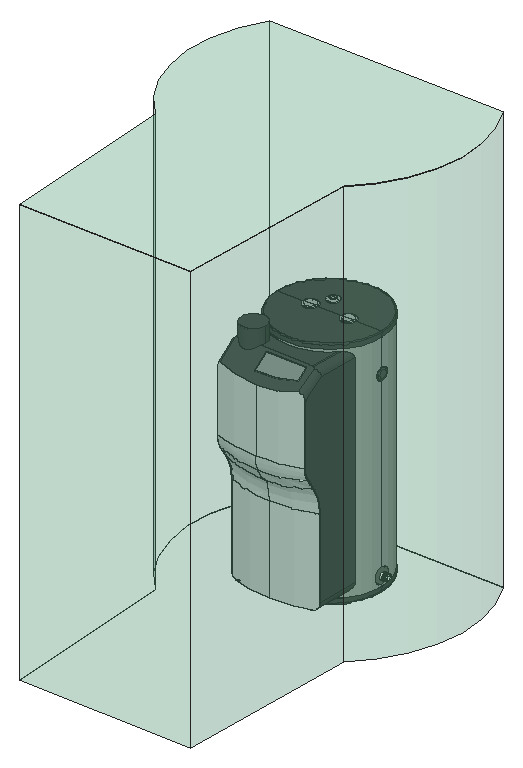
Revit family "Innovo NL_IR 24 245 NL NAT", category Mechanical Equipment, Revit 2015
Parameters (values of type "IR-24-245 NL NAT")
  Werkruimte Radius = Diameter + 170 mm  # 730 mm
  Werkruimte Hoogte = Hoogte + 1000 mm  # 2270 mm
  Werkruimte Afstand Voor = 1000 mm
  Werkruimte [instance] = yes
  Voorzorgsmaatregelen tijdens montage, installatie of onderhoud = "zie Gebruikers, Installatie, Service en Onderhouds handleiding"  # constant formula
  Voltage = 230 V  # constant formula
  Verpakkingslengte = 946 mm  # constant formula
  Verpakkingshoogte = 1465 mm
  Verpakkingsbreedte = 786 mm  # constant formula
  Uitsluitend werkend in daluren = no
  Type aanduiding = "IR-20-160"
  Transportgewicht = 114 kg
  Totaal Gewicht = 274 kg
  Stilstandsverlies - dagelijks (24u) = 0 W
  Stilstandsverlies = 0 W
  Standaard Afgesteld op = "G30/G31"
  Stand Regelthermostaat = 65 °C  # constant formula
  Soort Verpakking = "Karton en Hout"  # constant formula
  Slimme controlefunctie = no
  Setpoint thermostaat = 65 °C  # constant formula
  Seizoens Rendement (Hs) = [Rendement (Hs, vlgs. NEN-EN 89 - 1999)]  # 95
  Rendement (Hs, vlgs. NEN-EN 89 - 1999) = 95
  Rendement (Hi, vlgs. NEN-EN 89 - 1999) = 106
  Produktspecificaties Link = ""
  Produkthandleiding Link = ""
  Produkt Model Nummer (EAN-nummer) = "8717449283902"
  Onderhoudsinterval = "12 maanden"  # constant formula
  Nominale Belasting (Onderwaarde) = "20500.0/18000.0"
  Nominale Belasting (Bovenwaarde) = "21200.0/19600.0"
  Nominaal Vermogen = "21200.0/18700.0"
  NOx-uitstoot mg/kWh = "64.0/30.0"
  NOx-uitstoot (lucht vrij, 0% O2) ppm = "39.0/18.0"
  Min. Stand Regelthermostaat = 40 °C  # constant formula
  Max. Werkdruk = 800000.0 Pa
  Max. Stand Regelthermostaat = 85 °C  # constant formula
  Max. Rookgastemperatuur = 61 °C
  Ledig Gewicht = 95 kg
  Kraan Hoogte 02 = if(and(Hoogte = 1745 mm, Diameter = 675 mm), 1518 mm, if(and(Hoogte = 1745 mm, Diameter = 610 mm), 1534 mm, if(Hoogte = 1545 mm, 1328 mm, 1070 mm)))  # 1070 mm
  Kraan Hoogte 01 = if(and(Diameter > 560 mm), 693 mm, 604 mm)  # 604 mm
  Uitschakeldruk LDS < = 115.0 Pa
  URL = "www.aosmith.nl"
  Tapcapaciteit bij ΔT = 70°C  na 90 min. = 410.0 L
  Tapcapaciteit bij ΔT = 70°C  na 60 min. = 290.0 L
  Tapcapaciteit bij ΔT = 70°C  na 30 min. = 170.0 L
  Tapcapaciteit bij ΔT = 70°C  na 120 min. = 520.0 L
  Tapcapaciteit bij ΔT = 55°C  na 90 min. = 540.0 L
  Tapcapaciteit bij ΔT = 55°C  na 60 min. = 390.0 L
  Tapcapaciteit bij ΔT = 55°C  na 30 min. = 240.0 L
  Tapcapaciteit bij ΔT = 55°C  na 120 min. = 700.0 L
  Tapcapaciteit bij ΔT = 50°C  na 90 min. = 600.0 L
  Tapcapaciteit bij ΔT = 50°C  na 60 min. = 440.0 L
  Tapcapaciteit bij ΔT = 50°C  na 30 min. = 270.0 L
  Tapcapaciteit bij ΔT = 50°C na 120 min. = 770.0 L
  Tapcapaciteit bij ΔT = 44°C na 120 min. = 690.0 L
  Tapcapaciteit bij ΔT = 44°C  na 90 min. = 510.0 L
  Tapcapaciteit bij ΔT = 44°C  na 60 min. = 320.0 L
  Tapcapaciteit bij ΔT = 44°C  na 30 min. = 880.0 L
  Tapcapaciteit bij ΔT = 28°C na 90 min. = 1200.0 L
  Tapcapaciteit bij ΔT = 28°C na 60 min. = 820.0 L
  Tapcapaciteit bij ΔT = 28°C na 30 min. = 530.0 L
  Tapcapaciteit bij ΔT = 28°C na 120 min. = 1500.0 L
  Tapcapaciteit Continu bij ΔT = 70°C = 240.0 L/s
  Tapcapaciteit Continu bij ΔT = 55°C = 300.0 L/s
  Tapcapaciteit Continu bij ΔT = 50°C = 330.0 L/s
  Tapcapaciteit Continu bij ΔT = 44°C = 380.0 L/s
  Tapcapaciteit Continu bij ΔT = 28°C = 590.0 L/s
  Opwarmtijd bij ΔT = 70°C = "27"
  Opwarmtijd bij ΔT = 55°C = "21"
  Opwarmtijd bij ΔT = 50°C = "19"
  Opwarmtijd bij ΔT = 44°C = "17"
  Opwarmtijd bij ΔT = 28°C = "11"
  Model = "IR-20-160 NL LP"
  Manufacturer = "A.O. Smith Water Products Company b.v."  # constant formula
  Length = 780 mm  # constant formula
  Jaarlijks elektriciteitsverbruik (2) = "-"
  Jaarlijks elektriciteitsverbruik (1) = "37 kWh"
  Jaarlijks brandstofverbruik (2) = "-"
  Jaarlijks brandstofverbruik (1) = "16 GJ GCV"
  Isolatiedikte = 50 mm
  Installatie Typen = "B23/C13/C33/C43/C53/C63"  # constant formula
  Inhoud = 160.0 L
  Hoogte Warm Water Uitlaat = 1270 mm
  Hoogte Rookgasafvoer = 1295 mm
  Hoogte Lucht Inlaat = 1295 mm
  Hoogte Koud Water Inlaat = 170 mm
  Hoogte Gas Aansluiting = 860 mm
  Hoogte = 1270 mm
  Handelsmerk = "A.O. Smith"  # constant formula
  Geluidsniveau dB (A) = "<45"  # constant formula
  Geluidsniveau binnen = "52 dB"
  Gasverbruik - Volume ltr/hr = "-"
  Gasverbruik - Massa kg/h = "1.60/1.40"
  Gascategorie = "II2EK3B/P"  # constant formula
  Gas Voordruk = 5000.0 Pa
  Gas Aansluiting = 15"  # constant formula
  Garrantie op Tank = "36 maanden"  # constant formula
  Garrantie op Onderdelen = "12 maanden"  # constant formula
  Frequentie = 50 Hz  # constant formula
  Fase = 1
  Fabrikantnummer = "E 7110"  # constant formula
  Energie-efficiëntieklasse voor waterverwarming (2) = "-"
  Energie-efficiëntieklasse voor waterverwarming (1) = "A"  # constant formula
  Energie-efficiëntie voor waterverwarming (2) = "-"
  Energie-efficiëntie voor waterverwarming (1) = "92%"
  Elektrisch Vermogen (piek) = 85 W
  Elektrisch Vermogen (nominaal) = 36 W
  Diameter Schoorsteen - parallel systeem = "2x80"  # constant formula
  Diameter Schoorsteen - concentrisch systeem = "80/125 mm/mm"  # constant formula
  Diameter Schoorsteen - boiler = "80/125 mm/mm"  # constant formula
  Diameter = 560 mm
  Description = "Condenserende Hoog Rendementsboiler"  # constant formula
  Created By = "http://www.cadcompany.nl/"
  Capaciteitsprofiel = "XL"
  CO2-uitstoot (tol. +/- 1.0) vol% = "11.8/10.0"
  CE-PIN = "0063CQ3037"  # constant formula
  Breedte = Diameter  # 560 mm
  Bestemming / Land = "Nederland"  # constant formula
  BIM Content Developer = "CAD & Company"  # constant formula
  Assembly Code = "D3010"
  Ander capaciteitsprofiel = "-"
  Aansluiting Warm Water = 3/4"
  Aansluiting T&P = 3/4"
  Aansluiting Koud Water = 3/4"  # constant formula
  Aansluiting Condensafvoer = 40 mm  # constant formula
  Aansluiting Aftapkraan = 3/4"  # constant formula
  2e Onderhoud (algeheel onderhoud) = "12 maanden na installatie"  # constant formula
  1e Onderhoud (check-up) = "3 maanden na installatie"  # constant formula
Reference planes
  plane 1 "Center (Front/Back)": y = 0
  plane 2: z = 0
  plane 3 "Center (Left/Right)": x = 0
  plane 4 "Pipe": through (-383.901, 912.349, 194.799) normal (-0.0879, -0.0879, 0.9923)
  plane 5 "footing": y = 118.925
  plane 6 "footing front": y = -237.85
  plane 7: x = -280
  plane 8: x = 280
  plane 9: z = 1270
Forms (mm)
  Revolve 1, solid, material "RAL 9005", detail levels medium+fine
    sketch origin (0, -237.85, 0) x (-1, 0, 0) y (0, 0, 1)
      loop
        line (0, 28.9) -> (-15, 28.9) -> (-15, 26.4) -> (-8.671, 26.4) -> (-8.671, 18) -> (-5.686, 18) -> (-6.626, 17.06) -> (-6.626, 12.06) -> (-8.671, 12.06) -> (-8.671, 10) -> (-10.031, 10) -> (-23.271, 5.181)
        arc (-23.271, 5.181) -> (-23.763, 4.836) -> (-24.017, 4.293) r 1.159
        line (-24.017, 4.293) -> (-24.017, 1.03)
        arc (-24.017, 1.03) -> (-23.715, 0.302) -> (-22.986, 0) r 1.03
        line (-22.986, 0) -> (0, 0) -> (0, 28.9)
      axis (0, 28.9) -> (0, 0)
    angle from 0 to 360
  Revolve 2, solid, material "RAL 9005", detail levels medium+fine
    sketch origin (0, 118.925, 0) x (-1, 0, 0) y (0, 0, 1)
      loop
        line (-180.984, 28.9) -> (-195.984, 28.9) -> (-195.984, 26.4) -> (-189.655, 26.4) -> (-189.655, 18) -> (-186.67, 18) -> (-187.61, 17.06) -> (-187.61, 12.06) -> (-189.655, 12.06) -> (-189.655, 10) -> (-191.015, 10) -> (-204.256, 5.181)
        arc (-204.256, 5.181) -> (-204.747, 4.836) -> (-205.001, 4.293) r 1.159
        line (-205.001, 4.293) -> (-205.001, 1.03)
        arc (-205.001, 1.03) -> (-204.699, 0.302) -> (-203.971, 0) r 1.03
        line (-203.971, 0) -> (-180.984, 0) -> (-180.984, 28.9)
      axis (-180.984, 28.9) -> (-180.984, 0)
    angle from 0 to 360
  Revolve 3, solid, material "RAL 9005", detail levels medium+fine
    sketch origin (0, 118.925, 0) x (-1, 0, 0) y (0, 0, 1)
      loop
        line (179.016, 28.9) -> (164.016, 28.9) -> (164.016, 26.4) -> (170.345, 26.4) -> (170.345, 18) -> (173.33, 18) -> (172.39, 17.06) -> (172.39, 12.06) -> (170.345, 12.06) -> (170.345, 10) -> (168.985, 10) -> (155.744, 5.181)
        arc (155.744, 5.181) -> (155.253, 4.836) -> (154.999, 4.293) r 1.159
        line (154.999, 4.293) -> (154.999, 1.03)
        arc (154.999, 1.03) -> (155.301, 0.302) -> (156.029, 0) r 1.03
        line (156.029, 0) -> (179.016, 0) -> (179.016, 28.9)
      axis (179.016, 28.9) -> (179.016, 0)
    angle from 0 to 360
Lines and regions (mm)
  symbolic lines
    curve 1: line (0, 280.06, 0) -> (0, -280.06, 0)
    curve 2: line (-255.06, 0, 0) -> (255.06, 0, 0)
  symbolic lines, style "Workspace"
    curve 3: line (623.261, 380.06, 0) -> (-623.261, 380.06, 0)
    curve 4: arc (-623.261, 380.06, 0) -> (-726.942, -66.745, 0) -> (-543.632, -487.2, 0) r 730
    curve 5: line (-543.632, -487.2, 0) -> (-396.783, -1492.825, 0)
    curve 6: line (-396.783, -1492.825, 0) -> (399.03, -1492.825, 0)
    curve 7: line (399.03, -1492.825, 0) -> (545.76, -484.816, 0)
    curve 8: arc (545.76, -484.816, 0) -> (727.087, -65.154, 0) -> (623.261, 380.06, 0) r 730
Dimensions and locks
  plane 5 "footing" to plane 1 "Center (Front/Back)" = 118.925 mm
  plane 1 "Center (Front/Back)" to plane 6 "footing front" = 237.85 mm
  "Diameter": plane 7 to plane 8
  equal spacing: plane 7, plane 3 "Center (Left/Right)", plane 8
  "Hoogte": plane 9 to plane 2
  "Werkruimte Afstand Voor": curve 6 to nested 3
  "Werkruimte Radius": radius of curve 4
  "Werkruimte Radius": radius of curve 8
  aligned and locked: level to plane 2
  aligned and locked: nested 3 to Revolve 1 sketch curve
  aligned and locked: plane 3 "Center (Left/Right)" to Revolve 1 sketch curve
  aligned and locked: nested 3 to plane 1 "Center (Front/Back)"
  aligned and locked: plane 3 "Center (Left/Right)" to nested 3
  aligned and locked: nested 1 to plane 8
  aligned and locked: nested 5 to plane 8
  aligned and locked: nested 2 to plane 7
  aligned and locked: nested 4 to plane 7
  aligned and locked: nested 7 to plane 7
  aligned and locked: nested 8 to plane 3 "Center (Left/Right)"
  aligned and locked: curve 3 to nested 8
  aligned and locked: nested 8 to nested 3
Automatic sketch dimensions
  Revolve 1 sketch curve to level = 0 mm
  plane 3 "Center (Left/Right)" to Revolve 1 sketch curve = 5.686 mm
  Revolve 1 sketch curve to Revolve 1 sketch curve = 0.94 mm  (x2)
  Revolve 1 sketch curve to Revolve 1 sketch curve = 2.046 mm  (x2)
  Revolve 1 sketch curve to Revolve 1 sketch curve = 1.359 mm
  Revolve 1 sketch curve to Revolve 1 sketch curve = 6.329 mm
  level to Revolve 1 sketch curve = 4.091 mm
  Revolve 1 sketch curve to Revolve 1 sketch curve = 12.844 mm
  level to Revolve 1 sketch curve = 1.03 mm
  Revolve 1 sketch curve to Revolve 1 sketch curve = 0.111 mm
  level to Revolve 1 sketch curve = 5.181 mm
  Revolve 1 sketch curve to Revolve 1 sketch curve = 0.745 mm
  level to Revolve 1 sketch curve = 10 mm
  Revolve 1 sketch curve to Revolve 1 sketch curve = 2.06 mm
  Revolve 1 sketch curve to Revolve 1 sketch curve = 5 mm
  Revolve 1 sketch curve to Revolve 1 sketch curve = 8.4 mm
  Revolve 1 sketch curve to Revolve 1 sketch curve = 2.5 mm
  Revolve 1 sketch curve to level = 19.635 mm
  Revolve 1 sketch curve to Revolve 1 sketch curve = 46.465 mm
  Revolve 2 sketch curve to level = 0 mm
  level to Revolve 2 sketch curve = 1.03 mm
  Revolve 2 sketch curve to plane 8 = 74.999 mm
  level to Revolve 2 sketch curve = 5.181 mm
  Revolve 2 sketch curve to Revolve 2 sketch curve = 0.745 mm
  Revolve 2 sketch curve to Revolve 2 sketch curve = 0.397 mm
  Revolve 2 sketch curve to Revolve 2 sketch curve = 8.271 mm
  Revolve 2 sketch curve to Revolve 2 sketch curve = 13.241 mm
  Revolve 2 sketch curve to Revolve 2 sketch curve = 1.359 mm
  Revolve 2 sketch curve to Revolve 2 sketch curve = 6.329 mm
  Revolve 2 sketch curve to Revolve 2 sketch curve = 2.046 mm
  level to Revolve 2 sketch curve = 18 mm
  Revolve 2 sketch curve to Revolve 2 sketch curve = 0.94 mm  (x2)
  Revolve 2 sketch curve to Revolve 2 sketch curve = 8.671 mm
  Revolve 2 sketch curve to Revolve 2 sketch curve = 1.089 mm
  Revolve 2 sketch curve to Revolve 2 sketch curve = 8 mm
  Revolve 2 sketch curve to Revolve 2 sketch curve = 2.06 mm
  Revolve 2 sketch curve to Revolve 2 sketch curve = 8.4 mm
  Revolve 2 sketch curve to Revolve 2 sketch curve = 2.5 mm
  Revolve 2 sketch curve to Revolve 2 sketch curve = 0 mm
  Revolve 2 sketch curve to level = 19.635 mm
  Revolve 2 sketch curve to Revolve 2 sketch curve = 46.465 mm
  Revolve 3 sketch curve to level = 0 mm
  level to Revolve 3 sketch curve = 1.03 mm
  Revolve 3 sketch curve to plane 7 = 125.001 mm
  level to Revolve 3 sketch curve = 5.181 mm
  Revolve 3 sketch curve to Revolve 3 sketch curve = 0.745 mm
  Revolve 3 sketch curve to Revolve 3 sketch curve = 0.397 mm
  Revolve 3 sketch curve to Revolve 3 sketch curve = 8.271 mm
  Revolve 3 sketch curve to Revolve 3 sketch curve = 13.241 mm
  Revolve 3 sketch curve to Revolve 3 sketch curve = 1.359 mm
  Revolve 3 sketch curve to Revolve 3 sketch curve = 6.329 mm
  Revolve 3 sketch curve to Revolve 3 sketch curve = 2.046 mm
  level to Revolve 3 sketch curve = 18 mm
  Revolve 3 sketch curve to Revolve 3 sketch curve = 0.94 mm  (x2)
  Revolve 3 sketch curve to Revolve 3 sketch curve = 8.671 mm
  Revolve 3 sketch curve to Revolve 3 sketch curve = 1.089 mm
  Revolve 3 sketch curve to Revolve 3 sketch curve = 8 mm
  Revolve 3 sketch curve to Revolve 3 sketch curve = 2.06 mm
  Revolve 3 sketch curve to Revolve 3 sketch curve = 8.4 mm
  Revolve 3 sketch curve to Revolve 3 sketch curve = 2.5 mm
  Revolve 3 sketch curve to Revolve 3 sketch curve = 0 mm
  Revolve 3 sketch curve to level = 19.635 mm
  Revolve 3 sketch curve to Revolve 3 sketch curve = 46.465 mm
  curve 4 to curve 8 = 0 mm  (x2)
  plane 1 "Center (Front/Back)" to curve 2 = 0 mm
  curve 1 to plane 3 "Center (Left/Right)" = 0 mm
  plane 1 "Center (Front/Back)" to curve 4 = 0 mm
  curve 4 to plane 3 "Center (Left/Right)" = 0 mm
  curve 5 to plane 6 "footing front" = 249.35 mm
  plane 7 to curve 5 = 116.783 mm
  plane 8 to curve 7 = 119.03 mm
  curve 7 to plane 6 "footing front" = 246.966 mm
  curve 2 to plane 7 = 24.94 mm
  curve 2 to plane 8 = 24.94 mm
  curve 1 to plane 6 "footing front" = 42.21 mm
  plane 5 "footing" to curve 1 = 161.135 mm
Nested families
  nested 1: "Valve" at (280, -0.38, 1070) x (0, 1, 0) z (0, 0, 1), built-in parameter 1001364 <- "Kraan Hoogte 02", type "Valve"
  nested 2: "Drain Valve" at (-280, 0, 1070), built-in parameter 1001364 <- "Kraan Hoogte 02", type "Drain Valve"
  nested 3: "Housing Mother Housing S 57 (external)" at (0, -274.886, 0), type "Housing Mother_Housing S_57"
  nested 4: "Drain Valve" at (-280, 0, 177), type "Drain Valve"
  nested 5: "Drain Valve" at (280, 0, 107) x (-1, 0, 0) z (0, 0, 1), type "Drain Valve"
  nested 6: "Boiler" at (0, 0, 0), height <- "Hoogte", type "Boiler"
    with height 1270 mm
  nested 7: "Drain Valve" at (-280, 0, 604), built-in parameter 1001364 <- "Kraan Hoogte 01", type "Drain Valve"
  nested 8: "Innovo_workspace" at (0, 0, 0), Workspace <- "Werkruimte", Workspace Distance Front <- "Werkruimte Afstand Voor", Workspace Height <- "Werkruimte Hoogte", Workspace Radius <- "Werkruimte Radius", type "Workspace"
    with Workspace Radius 730 mm, Workspace Height 2270 mm, Workspace Distance Front 1000 mm, Workspace yes, Center to Front 492.825 mm
Connectors
  piping at (314.826, 0, 107), diameter 19.05, driven by "Aansluiting Aftapkraan"
    settings: on nested 5, index 1, connector inside diameter 24", connector length 0 mm, flow factor 0, pipe flow 0.0 L/s, pressure drop 0.0 Pa, fitting loss kfactor 0, connector angle 0.00°, fixture units 0, engagement length 0 mm, angle of deflection 0.00°, flow configuration 0, flow direction 0, fitting loss method 0, system type 19, joint type 0, gender type 0, connector reference index -1, connector utility 0, adjustable connector no, is connector primary yes, connector description ""
  hvac at (-147.013, -321.326, 1310.674)
    settings: on nested 3, index 2, duct flow 0.0 L/s, flow factor 0, pres drop 0.0 Pa, loss coef 0, conn angle 0.00°, conn width 304.8 mm, conn height 304.8 mm, conn diameter 125 mm, duct sys type 4, conn prof type 0, flow config 0, flow direction 0, loss method 0, conn ref index -1, conn util no, is conn primary yes, conn desc ""
Definition of nested family "Valve"
  Parameters (values of type "Valve")
    Type Comments = "T&P valve (internal)"
    Manufacturer = "A.O. Smith"
  Reference planes
    plane 1 "Center (Front/Back)": y = 0
    plane 2: z = 0
    plane 3 "Center (Left/Right)": x = 0
  Forms (mm)
    Extrusion 1, solid, detail levels fine
      sketch origin (0, 0, 0) x (1, 0, 0) y (0, 0, 1)
        loop
          circle (0, 0) r 31.5
      from -2.271 to 1.4
    Sweep 2, solid, detail levels fine
      path origin (0, -1.4, 0) x (1, 0, 0) y (0, 0, 1)
        loop
          circle (0, 0) r 31.5
      profile origin (0, -1.4, 31.5) x (0, 0, -1) y (0, -1, 0)
        loop
          line (7.3, 0) -> (7.3, 3) -> (0, 0) -> (7.3, 0)
  Dimensions and locks
    aligned and locked: level to plane 2
Definition of nested family "Drain Valve"
  Reference planes
    plane 1 "Center (Front/Back)": y = 0
    plane 2: z = 0
    plane 3 "Center (Left/Right)": x = 0
  Forms (mm)
    Revolve 1, solid, detail levels medium+fine
      sketch origin (0, 0, 0) x (1, 0, 0) y (0, 0, 1)
        loop
          line (-33.442, 15.696) -> (-34.826, 14.329) -> (-34.93, 12.731) -> (-16.555, 12.731) -> (-16.555, 0) -> (15.787, 0) -> (15.787, 18.3) -> (-14.4, 18.3) -> (-17.148, 15.533) -> (-18.729, 16.697) -> (-20.091, 15.333) -> (-21.672, 16.496) -> (-23.034, 15.133) -> (-24.614, 16.296) -> (-25.976, 14.932) -> (-27.557, 16.096) -> (-28.919, 14.732) -> (-30.5, 15.896) -> (-31.862, 14.532) -> (-33.442, 15.696)
        axis (-34.93, 0) -> (15.787, 0)
      angle from 0 to 360
  Dimensions and locks
    aligned and locked: level to plane 2
  Nested families
    nested 1: "Rubber sealing" at (2.592, -0.155, 0) x (0.0023, -1, 0) z (0, 0, 1), type "Rubber sealing", detail levels fine
  Definition of nested family "Rubber sealing"
    Reference planes
      plane 1 "Center (Front/Back)": y = 0
      plane 2: z = 0
      plane 3 "Center (Left/Right)": x = 0
    Forms (mm)
      Extrusion 1, solid, detail levels fine
        sketch origin (141.861, 319.581, 0) x (1, 0, 0) y (0, 1, 0)
          loop
            line (-216.354, -311.898) -> (-216.354, -313.94)
            arc (-216.354, -313.94) -> (-141.602, -321.581) -> (-66.861, -313.835) r 366.966
            line (-66.861, -313.835) -> (-66.861, -311.791)
            arc (-66.861, -311.791) -> (-141.602, -319.581) -> (-216.354, -311.898) r 364.966
        from -80 to 80
      Extrusion 2, void
        sketch origin (141.861, 319.581, 0) x (1, 0, 0) y (0, 0, 1)
          loop
            circle (-141.861, 0) r 13
          loop
            circle (-141.861, 0) r 110
          loop
            circle (-141.861, 0) r 40
        from 311.563 to 332.684
      Extrusion 3, void
        sketch origin (141.861, 319.581, 0) x (1, 0, 0) y (0, 0, 1)
          loop
            circle (-141.861, 0) r 18.25
        from 315.524 to 326.084
    Cuts and joins
      Extrusion 2, Extrusion 3 cuts Extrusion 1
    Dimensions and locks
      aligned and locked: level to plane 2
Definition of nested family "Housing Mother Housing S 57 (external)"
  Parameters (values of type "Housing Mother_Housing S_57")
    radius [instance] = 280 mm
    distance to boiler center = if(diameter = 675 mm, 189 mm, if(diameter = 610 mm, 154 mm, 129 mm))  # 129 mm
    diameter = 560 mm
  Reference planes
    plane 1 "Center (Front/Back)": y = 0
    plane 2: z = 0
    plane 3 "Center (Left/Right)": x = 0
    plane 4 "left": through (-245.286, 145.886, 1200) normal (0.9994, 0.0349, 0)
    plane 5: y = -217.939
    plane 6: y = 145.886
    plane 7: z = 1232.6
    plane 8: z = 65.89
    plane 9 "right": through (245.286, 145.886, 1200) normal (0.9994, -0.0349, 0)
    plane 10 "display": through (0, -90.37, 1221.196) normal (0, -0.5736, 0.8192)
    plane 11 "Potentiostat": z = 867.899
    plane 12 "boiler center": y = 274.886
    plane 13: x = -280
    plane 14: x = 280
  Forms (mm)
    Extrusion 1, solid
      sketch origin (0, 0, 0) x (1, 0, 0) y (0, 1, 0)
        loop
          line (-245.286, 145.886) -> (-232.581, -217.939) -> (232.581, -217.939) -> (245.286, 145.886)
          arc (245.286, 145.886) -> (0, 0.923) -> (-245.286, 145.886) r 280
      from 0 to 1232.6
    Sweep 2, void
      path origin (0, 0, 0) x (0, 1, 0) y (0, 0, 1)
        loop
          line (-217.939, 1232.6) -> (-217.939, 795.555)
          arc (-217.939, 795.555) -> (-212.387, 754.285) -> (-197.694, 715.322) r 183.924
          arc (-197.694, 715.322) -> (-179.915, 684.628) -> (-159.106, 655.901) r 348.284
          arc (-159.106, 655.901) -> (-131.411, 600.328) -> (-121.88, 538.973) r 202.254
          line (-121.88, 538.973) -> (-121.88, 61.106)
      profile origin (0, -217.939, 1014.077) x (1, 0, 0) y (0, 1, 0)
        loop
          arc (0, 0) -> (-117.533, 9.941) -> (-231.728, 39.475) r 699.984
          arc (-231.728, 39.475) -> (-233.391, 40.705) -> (-234.07, 42.659) r 3.505
          line (-234.07, 42.659) -> (-254.062, 42.659) -> (-254.062, -142.593) -> (254.07, -142.593) -> (254.07, 42.659) -> (234.07, 42.659)
          arc (234.07, 42.659) -> (233.391, 40.705) -> (231.728, 39.475) r 3.505
          arc (231.728, 39.475) -> (117.533, 9.941) -> (0, 0) r 699.984
    Extrusion 3, void
      sketch origin (0, 0, 0) x (0, 1, 0) y (0, 0, 1)
        loop
          arc (102.864, 70.869) -> (99.804, 70.709) -> (96.874, 69.813) r 12.57
          arc (96.874, 69.813) -> (87.878, 66.533) -> (78.516, 64.529) r 69.114
          arc (78.516, 64.529) -> (76.41, 64.284) -> (74.294, 64.148) r 41.206
          arc (74.294, 64.148) -> (65.203, 64.335) -> (56.122, 64.782) r 318.661
          arc (56.122, 64.782) -> (30.585, 66.179) -> (5.028, 67.128) r 1456.581
          line (5.028, 67.128) -> (-84.534, 73.135)
          arc (-84.534, 73.135) -> (-86.363, 73.808) -> (-87.536, 75.365) r 3.455
          line (-87.536, 75.365) -> (-264.473, 75.365) -> (-264.473, 0) -> (160.886, 0) -> (160.886, 103.945) -> (145.886, 103.945)
          arc (145.886, 103.945) -> (145.104, 97.827) -> (142.923, 92.059) r 26.364
          arc (142.923, 92.059) -> (141.067, 88.936) -> (138.867, 86.045) r 31.715
          arc (138.867, 86.045) -> (135.576, 82.49) -> (132.021, 79.2) r 62.615
          arc (132.021, 79.2) -> (125.841, 74.697) -> (119.091, 71.103) r 54.444
          arc (119.091, 71.103) -> (116.371, 70.272) -> (113.531, 70.123) r 11.669
          line (113.531, 70.123) -> (102.864, 70.869)
      from -254.062 to 254.07
    Sweep 4, void
      path origin (0, 0, 0) x (1, 0, 0) y (0, 1, 0)
        loop
          line (-245.286, 145.886) -> (-232.581, -217.939)
      profile origin (-238.933, -36.027, 0) x (0.999391, 0.034899, 0) y (0, 0, 1)
        loop
          line (-4.454, 0) -> (47.084, 0) -> (47.084, 73.431)
          arc (47.084, 73.431) -> (14.222, 85.134) -> (0.255, 117.1) r 43.922
          line (0.255, 117.1) -> (-4.454, 117.1) -> (-4.454, 0)
    Sweep 5, void
      path origin (0, 0, 0) x (-1, 0, 0) y (0, 1, 0)
        loop
          line (-245.286, 145.886) -> (-232.581, -217.939)
      profile origin (238.933, -36.027, 0) x (0.999391, -0.034899, 0) y (0, 0, 1)
        loop
          line (4.454, 0) -> (4.454, 117.1) -> (-0.255, 117.1)
          arc (-0.255, 117.1) -> (-14.222, 85.134) -> (-47.084, 73.431) r 43.922
          line (-47.084, 73.431) -> (-47.084, 0) -> (4.454, 0)
    Sweep 6, void
      path origin (-239.899, -8.377, 0) x (-0.034899, 0.999391, 0) y (0, 0, 1)
        loop
          line (-209.69, 1141.272) -> (-79.18, 1232.6) -> (154.358, 1232.6)
      profile origin (-241.211, 29.188, 1232.6) x (0, 0, 1) y (0.999391, 0.034899, 0)
        loop
          line (-45, -30) -> (75, -30) -> (75, 0) -> (75, 55) -> (2.799, 55) -> (-1.253, 35.128)
          arc (-1.253, 35.128) -> (-16.771, 9.564) -> (-45, -0.308) r 44.287
          line (-45, -0.308) -> (-45, -30)
    Sweep 7, void
      path origin (239.899, -8.377, 0) x (0.034899, 0.999391, 0) y (0, 0, 1)
        loop
          line (-209.69, 1141.272) -> (-79.18, 1232.6) -> (154.358, 1232.6)
      profile origin (241.211, 29.188, 1232.6) x (0, 0, -1) y (-0.999391, 0.034899, 0)
        loop
          line (-75, -25) -> (45, -25) -> (45, -0.308)
          arc (45, -0.308) -> (16.771, 9.564) -> (1.253, 35.128) r 44.287
          line (1.253, 35.128) -> (-2.799, 55) -> (-75, 55) -> (-75, -25)
    Extrusion 8, void
      sketch origin (0, 0, 0) x (0, 1, 0) y (0, 0, 1)
        loop
          line (-270, 1336.099) -> (-270, 1099.081) -> (68.497, 1336.099) -> (-270, 1336.099)
      from -425.038 to 444.42
    Extrusion 9, solid, detail levels medium+fine
      sketch origin (0, 0, 0) x (1, 0, 0) y (0, 1, 0)
        loop
          circle (-147.013, -46.44) r 65
      from 1163.174 to 1310.674
    Extrusion 10, void
      sketch origin (0, -603.506, 861.895) x (0, 0.819152, 0.573576) y (-1, 0, 0)
        loop
          arc (618.322, -173) -> (623.272, -170.95) -> (625.322, -166) r 7
          line (625.322, -166) -> (625.322, 35)
          arc (625.322, 35) -> (623.272, 39.95) -> (618.322, 42) r 7
          line (618.322, 42) -> (535.473, 42)
          arc (535.473, 42) -> (530.688, 40.11) -> (528.488, 35.46) r 7
          arc (528.488, 35.46) -> (531.569, -67.592) -> (554.18, -168.18) r 540
          arc (554.18, -168.18) -> (556.724, -171.668) -> (560.831, -173) r 7
          line (560.831, -173) -> (618.322, -173)
      from 0 to 137.286
    Sweep 11, solid, detail levels fine
      path origin (0, 0, 867.899) x (-1, 0, 0) y (0, -1, 0)
        loop
          line (309.749, -35.617) -> (204.371, -35.617)
          arc (204.371, -35.617) -> (196.509, -34.687) -> (189.082, -31.947) r 33.677
          line (189.082, -31.947) -> (-9.574, 69.274)
      profile origin (-257.06, 35.617, 867.899) x (0, 1, 0) y (0, 0, 1)
        loop
          circle (0, 0) r 7.316
        loop
          circle (0, 0) r 6.465
    Revolve 12, void
      sketch origin (0, 274.886, 0) x (-1, 0, 0) y (0, 0, 1)
        loop
          line (280, 1243.838) -> (0, 1243.838) -> (0, 54.9) -> (280, 54.9) -> (280, 1243.838)
        axis (0, 1243.838) -> (0, 54.9)
      angle from 0 to 360
  Cuts and joins
    Sweep 2, Extrusion 3, Sweep 4, Sweep 5, Sweep 6, Sweep 7, Extrusion 8, Extrusion 10, Revolve 12 cuts Extrusion 1
  Dimensions and locks
    plane 8 to plane 2 = 65.89 mm
    plane 7 to plane 8 = 1166.71 mm
    "distance to boiler center": plane 12 "boiler center" to plane 6
    "diameter": plane 14 to plane 13
    equal spacing: plane 14, plane 3 "Center (Left/Right)", plane 13
    "radius": plane 3 "Center (Left/Right)" to plane 13
    aligned and locked: level to plane 2
    aligned and locked: Extrusion 1 to plane 7
    aligned and locked: Extrusion 1 sketch curve to plane 5
    aligned and locked: Sweep 2 to Extrusion 3
    aligned and locked: Extrusion 3 to Sweep 2  (x2)
    aligned and locked: plane 7 to Sweep 2 sketch curve
    aligned and locked: plane 3 "Center (Left/Right)" to Revolve 12 sketch curve
    aligned and locked: Revolve 12 sketch curve to plane 3 "Center (Left/Right)"
    aligned and locked: plane 13 to Revolve 12 sketch curve
  Automatic sketch dimensions
    Extrusion 1 sketch curve to plane 4 "left" = 0 mm  (x2)
    Extrusion 1 sketch curve to plane 6 = 0 mm  (x2)
    Extrusion 1 sketch curve to plane 3 "Center (Left/Right)" = 0 mm
    Extrusion 1 sketch curve to plane 9 "right" = 0 mm
    plane 6 to Extrusion 1 sketch curve = 135.037 mm
    Sweep 2 sketch curve to plane 5 = 0 mm
    plane 5 to Sweep 2 sketch curve = 106.195 mm
    Sweep 2 sketch curve to plane 5 = 96.059 mm
    plane 1 "Center (Front/Back)" to Sweep 2 sketch curve = 34.053 mm
    plane 11 "Potentiostat" to Sweep 2 sketch curve = 6.417 mm
    Sweep 2 sketch curve to plane 6 = 33.705 mm
    Sweep 2 sketch curve to plane 11 "Potentiostat" = 68.615 mm
    Sweep 2 sketch curve to plane 11 "Potentiostat" = 72.345 mm
    Sweep 2 sketch curve to Sweep 2 sketch curve = 176.349 mm
    Sweep 2 sketch curve to Sweep 2 sketch curve = 0 mm  (x2)
    plane 8 to Sweep 2 sketch curve = 4.784 mm
    Extrusion 3 sketch curve to level = 0 mm
    Extrusion 3 sketch curve to plane 6 = 0 mm
    Extrusion 3 sketch curve to plane 6 = 26.363 mm
    Extrusion 3 sketch curve to Extrusion 3 sketch curve = 4.75 mm
    Extrusion 3 sketch curve to Extrusion 3 sketch curve = 5.179 mm
    Extrusion 3 sketch curve to plane 8 = 4.232 mm
    Extrusion 3 sketch curve to Extrusion 3 sketch curve = 0.814 mm
    Extrusion 3 sketch curve to plane 8 = 4.978 mm
    Extrusion 3 sketch curve to Extrusion 3 sketch curve = 10.667 mm
    Extrusion 3 sketch curve to Extrusion 3 sketch curve = 0.877 mm
    Extrusion 3 sketch curve to Extrusion 3 sketch curve = 17.827 mm
    Extrusion 3 sketch curve to Extrusion 3 sketch curve = 5.646 mm
    Extrusion 3 sketch curve to plane 6 = 69.562 mm
    Extrusion 3 sketch curve to Extrusion 3 sketch curve = 18.6 mm
    Extrusion 3 sketch curve to Extrusion 3 sketch curve = 22.538 mm
    Extrusion 3 sketch curve to plane 8 = 1.238 mm
    Extrusion 3 sketch curve to plane 1 "Center (Front/Back)" = 5.028 mm
    plane 1 "Center (Front/Back)" to Extrusion 3 sketch curve = 36.224 mm
    Extrusion 3 sketch curve to plane 8 = 10.692 mm
    plane 1 "Center (Front/Back)" to Extrusion 3 sketch curve = 84.302 mm
    Extrusion 3 sketch curve to plane 8 = 7.244 mm
    Extrusion 3 sketch curve to Extrusion 3 sketch curve = 0.231 mm
    Extrusion 3 sketch curve to Extrusion 3 sketch curve = 3.234 mm
    plane 5 to Extrusion 3 sketch curve = 46.534 mm
    plane 6 to Extrusion 3 sketch curve = 15 mm
    Extrusion 3 sketch curve to level = 1388.869 mm
    plane 8 to Extrusion 3 sketch curve = 7.561 mm
    Extrusion 3 sketch curve to Extrusion 3 sketch curve = 11.64 mm
    Extrusion 3 sketch curve to plane 8 = 38.054 mm
    Extrusion 3 sketch curve to Extrusion 3 sketch curve = 22.442 mm
    Extrusion 3 sketch curve to plane 8 = 39.432 mm
    Extrusion 3 sketch curve to Extrusion 3 sketch curve = 2.466 mm
    Extrusion 3 sketch curve to Extrusion 3 sketch curve = 14.17 mm
    Extrusion 3 sketch curve to Extrusion 3 sketch curve = 5.925 mm
    Extrusion 3 sketch curve to Extrusion 3 sketch curve = 6.186 mm
    Extrusion 3 sketch curve to Extrusion 3 sketch curve = 249.85 mm
    Extrusion 3 sketch curve to Extrusion 3 sketch curve = 0 mm  (x4)
    Extrusion 3 sketch curve to Extrusion 3 sketch curve = 6.845 mm
    plane 8 to Extrusion 3 sketch curve = 1.743 mm
    Sweep 4 sketch curve to plane 4 "left" = 0 mm  (x2)
    Sweep 4 sketch curve to plane 6 = 0 mm
    plane 5 to Sweep 4 sketch curve = 0 mm
    Sweep 4 sketch curve to level = 0 mm
    profile plane to Sweep 4 sketch curve = 4.454 mm
    Sweep 4 sketch curve to profile plane = 0.255 mm
    Sweep 4 sketch curve to Sweep 4 sketch curve = 43.922 mm
    Sweep 4 sketch curve to profile plane = 47.084 mm
    level to Sweep 4 sketch curve = 73.431 mm
    Sweep 4 sketch curve to Sweep 4 sketch curve = 43.669 mm
    Sweep 5 sketch curve to plane 6 = 0 mm
    Sweep 5 sketch curve to plane 9 "right" = 0 mm  (x2)
    plane 5 to Sweep 5 sketch curve = 0 mm
    Sweep 5 sketch curve to level = 0 mm
    profile plane to Sweep 5 sketch curve = 47.084 mm
    Sweep 5 sketch curve to Sweep 5 sketch curve = 2.907 mm
    profile plane to Sweep 5 sketch curve = 0.255 mm
    Sweep 5 sketch curve to profile plane = 4.454 mm
    level to Sweep 5 sketch curve = 73.431 mm
    Sweep 5 sketch curve to Sweep 5 sketch curve = 43.669 mm
    Sweep 6 sketch curve to plane 7 = 0 mm
    plane 7 to Sweep 6 sketch curve = 91.328 mm
    Sweep 6 sketch curve to Sweep 6 sketch curve = 130.509 mm
    Sweep 6 sketch curve to Sweep 6 sketch curve = 233.538 mm
    Sweep 6 sketch curve to plane 4 "left" = 0 mm
    profile plane to Sweep 6 sketch curve = 45 mm
    Sweep 6 sketch curve to Sweep 6 sketch curve = 0.354 mm
    profile plane to Sweep 6 sketch curve = 1.253 mm
    Sweep 6 sketch curve to profile plane = 2.799 mm
    Sweep 6 sketch curve to Sweep 6 sketch curve = 72.201 mm
    Sweep 6 sketch curve to plane 4 "left" = 0.308 mm
    Sweep 6 sketch curve to Sweep 6 sketch curve = 29.692 mm
    plane 4 "left" to Sweep 6 sketch curve = 35.128 mm
    plane 4 "left" to Sweep 6 sketch curve = 55 mm
    Sweep 7 sketch curve to plane 7 = 0 mm
    Sweep 7 sketch curve to plane 7 = 91.328 mm
    Sweep 7 sketch curve to Sweep 7 sketch curve = 130.509 mm
    Sweep 7 sketch curve to Sweep 7 sketch curve = 233.538 mm
    Sweep 7 sketch curve to plane 9 "right" = 25 mm
    profile plane to Sweep 7 sketch curve = 75 mm
    profile plane to Sweep 7 sketch curve = 2.799 mm
    Sweep 7 sketch curve to profile plane = 1.253 mm
    Sweep 7 sketch curve to Sweep 7 sketch curve = 43.393 mm
    Sweep 7 sketch curve to profile plane = 45 mm
    Sweep 7 sketch curve to plane 9 "right" = 0.308 mm
    plane 9 "right" to Sweep 7 sketch curve = 35.128 mm
    Sweep 7 sketch curve to Sweep 7 sketch curve = 19.872 mm
    plane 5 to Extrusion 8 sketch curve = 52.061 mm
    Extrusion 8 sketch curve to plane 1 "Center (Front/Back)" = 68.497 mm
    plane 7 to Extrusion 8 sketch curve = 133.519 mm
    Extrusion 8 sketch curve to plane 7 = 103.499 mm
    plane 1 "Center (Front/Back)" to Extrusion 9 sketch curve = 46.44 mm
    Extrusion 9 sketch curve to plane 3 "Center (Left/Right)" = 147.013 mm
    Extrusion 10 sketch curve to plane 3 "Center (Left/Right)" = 0 mm
    Extrusion 10 sketch curve to plane 3 "Center (Left/Right)" = 35 mm
    Extrusion 10 sketch curve to Extrusion 10 sketch curve = 25.359 mm
    Extrusion 10 sketch curve to Extrusion 10 sketch curve = 57.491 mm
    Extrusion 10 sketch curve to plane 3 "Center (Left/Right)" = 42 mm
    Extrusion 10 sketch curve to Extrusion 10 sketch curve = 82.85 mm
    Extrusion 10 sketch curve to Extrusion 10 sketch curve = 7 mm
    Extrusion 10 sketch curve to Extrusion 10 sketch curve = 442 mm
    plane 3 "Center (Left/Right)" to Extrusion 10 sketch curve = 166 mm
    Extrusion 10 sketch curve to Extrusion 10 sketch curve = 0 mm  (x2)
    Sweep 11 sketch curve to plane 1 "Center (Front/Back)" = 31.947 mm
    Sweep 11 sketch curve to plane 3 "Center (Left/Right)" = 189.082 mm
    Sweep 11 sketch curve to plane 1 "Center (Front/Back)" = 1.94 mm
    Sweep 11 sketch curve to Sweep 11 sketch curve = 15.289 mm
    plane 3 "Center (Left/Right)" to Sweep 11 sketch curve = 9.574 mm
    Sweep 11 sketch curve to Sweep 11 sketch curve = 105.378 mm
    plane 1 "Center (Front/Back)" to Sweep 11 sketch curve = 69.274 mm
    Sweep 11 sketch curve to Sweep 11 sketch curve = 0 mm  (x2)
    Sweep 11 sketch curve to plane 11 "Potentiostat" = 0 mm
    Sweep 11 sketch curve to profile plane = 0 mm
    plane 8 to Revolve 12 sketch curve = 10.99 mm
    Revolve 12 sketch curve to plane 7 = 11.238 mm
    Revolve 12 sketch curve to level = 366.045 mm
    Revolve 12 sketch curve to Revolve 12 sketch curve = 971.917 mm
    Sweep 2 sketch curve to plane 3 "Center (Left/Right)" = 0 mm
    profile plane to Sweep 2 sketch curve = 0 mm
    Sweep 2 sketch curve to plane 3 "Center (Left/Right)" = 0.016 mm
    Sweep 2 sketch curve to profile plane = 42.782 mm  (x2)
    Sweep 2 sketch curve to plane 3 "Center (Left/Right)" = 230.568 mm
    plane 3 "Center (Left/Right)" to Sweep 2 sketch curve = 0.016 mm
    plane 3 "Center (Left/Right)" to Sweep 2 sketch curve = 230.568 mm
    Sweep 2 sketch curve to Sweep 2 sketch curve = 3.502 mm  (x2)
    Sweep 2 sketch curve to Sweep 2 sketch curve = 20 mm
    profile plane to Sweep 2 sketch curve = 142.593 mm
    Sweep 2 sketch curve to Sweep 2 sketch curve = 0.122 mm  (x2)
    Sweep 2 sketch curve to Sweep 2 sketch curve = 657.203 mm
    Sweep 2 sketch curve to Sweep 2 sketch curve = 19.991 mm
    radius of Extrusion 9 sketch curve = 65 mm
    radius of Sweep 11 sketch curve = 7.316 mm
    radius of Sweep 11 sketch curve = 6.465 mm
  Nested families
    nested 1: "display" at (65.5, -130.939, 1192.79) x (-1, 0, 0) z (0, -0.5736, 0.8192), type "display"
  Definition of nested family "display"
    Parameters (values of type "display")
      Default Elevation = 1219.2 mm
    Reference planes
      plane 1 "Center (Front/Back)": y = 0
      plane 2: z = 0
      plane 3 "Center (Left/Right)": x = 0
    Forms (mm)
      Extrusion 1, solid, detail levels medium+fine
        sketch origin (-16.958, 11.842, -343.878) x (1, 0, 0) y (0, 0, -1)
          loop
            line (-233.523, -343.878) -> (-233.523, -346.592) -> (332.686, -346.592) -> (332.686, -343.878) -> (-233.523, -343.878)
        from -228.7 to 150.822
      Extrusion 2, void
        sketch origin (-16.958, 6.842, -343.878) x (1, 0, 0) y (0, 1, 0)
          loop
            line (-233.523, 155.822) -> (-233.523, -223.7) -> (332.686, -223.7) -> (332.686, 155.822) -> (-233.523, 155.822)
          loop
            arc (-90.542, -48.267) -> (-88.492, -53.216) -> (-83.542, -55.267) r 7
            line (-83.542, -55.267) -> (117.458, -55.267)
            arc (117.458, -55.267) -> (122.408, -53.216) -> (124.458, -48.267) r 7
            line (124.458, -48.267) -> (124.458, 34.583)
            arc (124.458, 34.583) -> (122.568, 39.368) -> (117.918, 41.568) r 7
            arc (117.918, 41.568) -> (14.866, 38.487) -> (-85.722, 15.876) r 540
            arc (-85.722, 15.876) -> (-89.21, 13.332) -> (-90.542, 9.224) r 7
            line (-90.542, 9.224) -> (-90.542, -48.267)
        from 328.878 to 363.083
    Cuts and joins
      Extrusion 2 cuts Extrusion 1
    Dimensions and locks
      aligned and locked: level to plane 2
Definition of nested family "Boiler"
  Parameters (values of type "Boiler")
    radius [instance] = 280 mm
    height [instance] = 1270 mm
    Diameter = 560 mm
  Reference planes
    plane 1 "Center (Front/Back)": y = 0
    plane 2: z = 0
    plane 3 "Center (Left/Right)": x = 0
    plane 4: z = 1243.838
    plane 5: z = 1270
    plane 6 "bottom": z = 28.9
    plane 7: z = 54.9
    plane 8 "top controle": y = 88
    plane 9: x = -280
    plane 10: x = 280
  Forms (mm)
    Revolve 1, solid
      sketch origin (0, 0, 0) x (1, 0, 0) y (0, 0, 1)
        loop
          line (0, 54.9) -> (-280, 54.9) -> (-280, 32.9)
          arc (-280, 32.9) -> (-278.828, 30.072) -> (-276, 28.9) r 4
          line (-276, 28.9) -> (0, 28.9) -> (0, 54.9)
        axis (0, 28.9) -> (0, 54.9)
      angle from 0 to 360
    Revolve 2, solid
      sketch origin (1.311, 0, 0) x (1, 0, 0) y (0, 0, 1)
        loop
          line (-278.86, 1243.838) -> (-278.86, 54.9) -> (-1.311, 54.9) -> (-1.311, 1243.838) -> (-278.86, 1243.838)
        axis (-1.311, 1243.838) -> (-1.311, 54.9)
      angle from 0 to 360
    Revolve 3, solid
      sketch origin (-9.205, 0, 377.212) x (-1, 0, 0) y (0, 0, 1)
        loop
          line (-148.904, 892.788) -> (-110.805, 892.788) -> (-110.805, 895.963) -> (-141.883, 895.963) -> (-148.904, 893.62) -> (-148.904, 892.788)
        axis (-110.805, 892.788) -> (-110.805, 895.963)
      angle from 0 to 360
    Revolve 4, solid
      sketch origin (0, 0, 718.065) x (1, 0, 0) y (0, 0, -1)
        loop
          line (0, -525.773) -> (-280, -525.773) -> (-280, -547.935)
          arc (-280, -547.935) -> (-278.828, -550.763) -> (-276, -551.935) r 4
          line (-276, -551.935) -> (0, -551.935) -> (0, -525.773)
        axis (0, -551.935) -> (0, -525.773)
      angle from 0 to 360
    Revolve 5, solid
      sketch origin (0, 88, 0) x (1, 0, 0) y (0, 0, 1)
        loop
          line (-19.051, 1270) -> (-19.051, 1271.074) -> (-32.63, 1275.604) -> (-32.63, 1271.117) -> (-37.266, 1271.117) -> (-38.383, 1270) -> (-19.051, 1270)
        axis (-50.8, 1270) -> (-50.8, 1275.604)
      angle from 0 to 360
    Revolve 6, solid
      sketch origin (-217.12, 0, 372.245) x (-1, 0, 0) y (0, 0, 1)
        loop
          line (-153.622, 897.755) -> (-115.52, 897.755) -> (-115.52, 900.93) -> (-146.626, 900.93) -> (-153.622, 898.596) -> (-153.622, 897.755)
        axis (-115.52, 897.755) -> (-115.52, 900.93)
      angle from 0 to 360
  Dimensions and locks
    "height": plane 5 to plane 2
    plane 6 "bottom" to plane 2 = 28.9 mm
    locked: plane 5 to plane 4 at 26.162
    locked: plane 1 "Center (Front/Back)" to plane 8 "top controle" at 88
    "Diameter": plane 10 to plane 9
    equal spacing: plane 10, plane 3 "Center (Left/Right)", plane 9
    "radius": plane 3 "Center (Left/Right)" to plane 9
    locked: plane 9 to Revolve 2 sketch curve at 2.452
    aligned and locked: level to plane 2
    aligned and locked: Revolve 2 sketch curve to plane 7
    aligned and locked: Revolve 2 sketch curve to plane 4
    aligned and locked: Revolve 1 sketch curve to plane 7
    aligned and locked: plane 6 "bottom" to Revolve 1 sketch curve
    aligned and locked: Revolve 4 sketch curve to plane 3 "Center (Left/Right)"
    aligned and locked: plane 5 to Revolve 4 sketch curve
    aligned and locked: Revolve 4 sketch curve to plane 4
    aligned and locked: plane 9 to Revolve 4 sketch curve
    aligned and locked: Revolve 1 sketch curve to plane 9
    aligned and locked: Revolve 2 sketch curve to plane 3 "Center (Left/Right)"
    aligned and locked: plane 3 "Center (Left/Right)" to Revolve 2 sketch curve
  Automatic sketch dimensions
    Revolve 1 sketch curve to plane 3 "Center (Left/Right)" = 0 mm  (x2)
    Revolve 1 sketch curve to Revolve 1 sketch curve = 4 mm
    Revolve 1 sketch curve to level = 40 mm
    Revolve 1 sketch curve to Revolve 1 sketch curve = 305.1 mm
    Revolve 2 sketch curve to level = 366.045 mm
    Revolve 2 sketch curve to plane 5 = 945.755 mm
    Revolve 3 sketch curve to plane 5 = 0 mm
    Revolve 3 sketch curve to plane 3 "Center (Left/Right)" = 139.699 mm
    plane 5 to Revolve 3 sketch curve = 3.175 mm
    Revolve 3 sketch curve to Revolve 3 sketch curve = 7.022 mm
    Revolve 3 sketch curve to Revolve 3 sketch curve = 31.078 mm
    Revolve 3 sketch curve to Revolve 3 sketch curve = 0.832 mm
    Revolve 3 sketch curve to Revolve 3 sketch curve = 0 mm
    Revolve 3 sketch curve to Revolve 3 sketch curve = 2.338 mm
    Revolve 3 sketch curve to Revolve 3 sketch curve = 4.487 mm
    Revolve 4 sketch curve to plane 3 "Center (Left/Right)" = 0 mm
    Revolve 4 sketch curve to Revolve 4 sketch curve = 4 mm
    Revolve 4 sketch curve to Revolve 4 sketch curve = 68.738 mm
    Revolve 4 sketch curve to Revolve 4 sketch curve = 305.1 mm
    Revolve 6 sketch curve to plane 5 = 0 mm
    plane 3 "Center (Left/Right)" to Revolve 6 sketch curve = 63.497 mm
    plane 5 to Revolve 6 sketch curve = 3.175 mm
    Revolve 6 sketch curve to Revolve 6 sketch curve = 6.997 mm
    Revolve 6 sketch curve to Revolve 6 sketch curve = 31.106 mm
    Revolve 6 sketch curve to Revolve 6 sketch curve = 0.84 mm
    Revolve 6 sketch curve to Revolve 6 sketch curve = 0 mm
    Revolve 6 sketch curve to Revolve 6 sketch curve = 7.216 mm
    Revolve 6 sketch curve to Revolve 6 sketch curve = 0.391 mm
    Revolve 5 sketch curve to Revolve 5 sketch curve = 13.578 mm
    Revolve 5 sketch curve to Revolve 5 sketch curve = 1.074 mm
    Revolve 5 sketch curve to Revolve 5 sketch curve = 12.417 mm
    Revolve 5 sketch curve to Revolve 5 sketch curve = 5.753 mm
    Revolve 5 sketch curve to plane 5 = 1.117 mm
    Revolve 5 sketch curve to Revolve 5 sketch curve = 1.117 mm
    plane 5 to Revolve 5 sketch curve = 4.396 mm
    Revolve 5 sketch curve to plane 5 = 0 mm
    Revolve 5 sketch curve to Revolve 5 sketch curve = 4.487 mm
    Revolve 5 sketch curve to plane 3 "Center (Left/Right)" = 38.383 mm
    Revolve 5 sketch curve to plane 5 = 5.604 mm
Definition of nested family "Innovo_workspace"
  Parameters (values of type "Workspace")
    Workspace Radius [instance] = 730 mm
    Workspace Height [instance] = 2270 mm
    Workspace Distance Front [instance] = 1000 mm
    Workspace [instance] = yes
    URL = "www.aosmith.nl"
    Model = ""
    Manufacturer = "A.O. Smith Water Products Company b.v."  # constant formula
    Description = ""
    Created By = ""
    Center to Front [instance] = 492.825 mm
    BIM Content Developer = "CAD & Company"  # constant formula
    Assembly Code = ""
  Reference planes
    plane 1 "Center (Front/Back)": y = 0
    plane 2: z = 0
    plane 3 "Center (Left/Right)": x = 0
    plane 4 "Pipe": through (-383.901, 912.349, 194.799) normal (-0.0879, -0.0879, 0.9923)
    plane 5 "front": y = -492.825
  Forms (mm)
    Extrusion 1, solid, visible <- "Workspace"
      sketch origin (0, 0, 0) x (1, 0, 0) y (0, 1, 0)
        loop
          line (456.53, -1492.825) -> (500.201, -531.695)
          arc (500.201, -531.695) -> (723.44, -97.643) -> (623.261, 380.06) r 730
          line (623.261, 380.06) -> (-623.261, 380.06)
          arc (-623.261, 380.06) -> (-723.227, -99.209) -> (-497.893, -533.856) r 730
          line (-497.893, -533.856) -> (-454.283, -1492.825) -> (456.53, -1492.825)
      from 0 to 2270 <- "Workspace Height"
  Lines and regions (mm)
    symbolic lines
      curve 1: line (0, 280.06, 0) -> (0, -280.06, 0)
      curve 2: line (-255.06, 0, 0) -> (255.06, 0, 0)
  Dimensions and locks
    locked: Extrusion 1 sketch curve to curve 1 at 100
    "Workspace Distance Front": plane 5 "front" to Extrusion 1
    "Center to Front": plane 1 "Center (Front/Back)" to plane 5 "front"
    "Workspace Radius": radius of Extrusion 1 sketch curve  (x2)
    aligned and locked: level to plane 2
  Automatic sketch dimensions
    plane 1 "Center (Front/Back)" to curve 2 = 0 mm
    curve 1 to plane 3 "Center (Left/Right)" = 0 mm
    plane 3 "Center (Left/Right)" to curve 2 = 255.06 mm
    curve 1 to plane 1 "Center (Front/Back)" = 280.06 mm
    curve 2 to plane 3 "Center (Left/Right)" = 255.06 mm
    plane 5 "front" to curve 1 = 212.765 mm
    Extrusion 1 sketch curve to Extrusion 1 sketch curve = 0 mm  (x2)
    plane 1 "Center (Front/Back)" to Extrusion 1 sketch curve = 0 mm
    Extrusion 1 sketch curve to plane 3 "Center (Left/Right)" = 0 mm
    Extrusion 1 sketch curve to plane 5 "front" = 41.031 mm
    Extrusion 1 sketch curve to plane 3 "Center (Left/Right)" = 454.283 mm
    plane 3 "Center (Left/Right)" to Extrusion 1 sketch curve = 456.53 mm
    Extrusion 1 sketch curve to plane 5 "front" = 38.869 mm
    Extrusion 1 sketch curve to Extrusion 1 sketch curve = 961.131 mm
